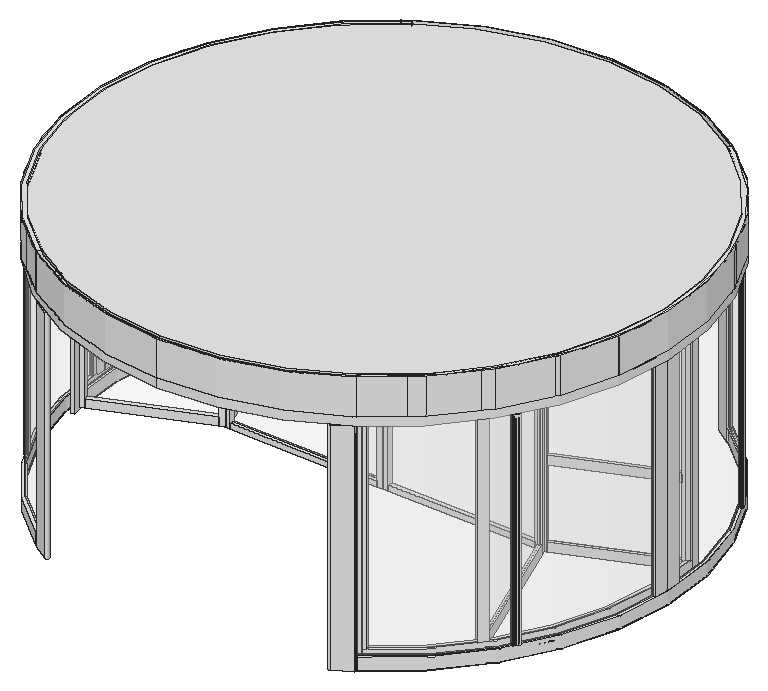
Revit family "Assa-Abloy_ Revolving_UniTurn", category Doors, host Wall, Revit 2019 (continued)
Automatic sketch dimensions
  Sweep 14 sketch curve to Sweep 14 sketch curve = 0' - 0.0574"
  Sweep 14 sketch curve to Sweep 14 sketch curve = 0' - 0.15254"
  Sweep 14 sketch curve to Sweep 14 sketch curve = 0' - 0.09943"
  Sweep 14 sketch curve to Sweep 14 sketch curve = 0' - 0.00087"
  profile plane to Sweep 14 sketch curve = 0' - 0.03263"
  Sweep 14 sketch curve to Sweep 14 sketch curve = 0' - 0.0816"
  Sweep 14 sketch curve to profile plane = 0' - 0.00673"
  profile plane to Sweep 14 sketch curve = 0' - 0.11519"
  Sweep 14 sketch curve to Sweep 14 sketch curve = 0' - 0.00145"
  Sweep 14 sketch curve to Sweep 14 sketch curve = 0' - 0.00158"
  Sweep 14 sketch curve to Sweep 14 sketch curve = 0' - 0.02042"
  profile plane to Sweep 14 sketch curve = 0' - 0.08348"
  profile plane to Sweep 14 sketch curve = 0' - 0.0819"
  profile plane to Sweep 14 sketch curve = 0' - 0.08047"
  profile plane to Sweep 14 sketch curve = 0' - 0.03321"
  Sweep 14 sketch curve to Sweep 14 sketch curve = 0' - 0.01892"
  profile plane to Sweep 14 sketch curve = 0' - 0.04311"
  profile plane to Sweep 14 sketch curve = 0' - 0.01678"
  Sweep 14 sketch curve to profile plane = 0' - 0.01797"
  Sweep 14 sketch curve to Sweep 14 sketch curve = 0' - 0.54272"
  Sweep 14 sketch curve to Sweep 14 sketch curve = 0' - 0.00379"  (x2)
  Sweep 14 sketch curve to Sweep 14 sketch curve = 0' - 0.00829"
  Sweep 14 sketch curve to Sweep 14 sketch curve = 0' - 0.72473"
  Sweep 14 sketch curve to Sweep 14 sketch curve = 0' - 0.05199"
  Sweep 14 sketch curve to Sweep 14 sketch curve = 0' - 0.0676"
  Sweep 14 sketch curve to Sweep 14 sketch curve = 0' - 0.04608"
  Sweep 14 sketch curve to Sweep 14 sketch curve = 0' - 0.04724"  (x2)
  Sweep 14 sketch curve to Sweep 14 sketch curve = 0' - 0.03977"
  Sweep 14 sketch curve to Sweep 14 sketch curve = 0' - 0.00232"
  Sweep 14 sketch curve to Sweep 14 sketch curve = 0' - 0.09731"
  Sweep 14 sketch curve to Sweep 14 sketch curve = 0' - 0.0866"
  profile plane to Sweep 14 sketch curve = 0' - 0.03676"
  profile plane to Sweep 14 sketch curve = 0' - 0.11703"
  profile plane to Sweep 14 sketch curve = 0' - 0.15187"
  Sweep 14 sketch curve to Sweep 14 sketch curve = 0' - 0.05221"
  Sweep 14 sketch curve to Sweep 14 sketch curve = 0' - 0.31464"
  Sweep 14 sketch curve to Sweep 14 sketch curve = 0' - 0.0051"
  Sweep 14 sketch curve to Sweep 14 sketch curve = 0' - 0.17487"
  Sweep 14 sketch curve to Sweep 14 sketch curve = 0' - 0.04962"
  Sweep 14 sketch curve to Sweep 14 sketch curve = 0' - 0.06876"
  Sweep 16 sketch curve to Sweep 16 sketch curve = 0' - 0"  (x4)
  profile plane to Sweep 16 sketch curve = 0' - 0"
  Sweep 16 sketch curve to Sweep 16 sketch curve = 0' - 0.0449"
  Sweep 16 sketch curve to profile plane = 0' - 3.36367"
  Sweep 16 sketch curve to profile plane = 5' - 11.04829"
  level to Sweep 17 sketch curve = 0' - 0"
  Sweep 17 sketch curve to Sweep 17 sketch curve = 0' - 0"  (x5)
  Sweep 17 sketch curve to Sweep 17 sketch curve = 0' - 0.0449"
  Sweep 17 sketch curve to profile plane = 0' - 0.00887"
  Sweep 17 sketch curve to Sweep 17 sketch curve = 0' - 3.36367"
  Sweep 17 sketch curve to Sweep 17 sketch curve = 0' - 0.45009"
  Sweep 17 sketch curve to profile plane = 5' - 11.04829"
  Sweep 17 sketch curve to Sweep 17 sketch curve = 0' - 0.18215"
  Sweep 17 sketch curve to profile plane = 0' - 0.21585"
  profile plane to Sweep 17 sketch curve = 0' - 0.11883"
  Sweep 17 sketch curve to Sweep 17 sketch curve = 0' - 0.37329"
  profile plane to Sweep 17 sketch curve = 0' - 0.75829"
  level to Sweep 18 sketch curve = 0' - 0"
  Sweep 18 sketch curve to Sweep 18 sketch curve = 0' - 0"  (x5)
  Sweep 18 sketch curve to Sweep 18 sketch curve = 0' - 0.45009"
  profile plane to Sweep 18 sketch curve = 0' - 3.37254"
  profile plane to Sweep 18 sketch curve = 0' - 0.00887"
  Sweep 18 sketch curve to Sweep 18 sketch curve = 0' - 0.04384"
  Sweep 18 sketch curve to profile plane = 5' - 11.04829"
  Sweep 18 sketch curve to Sweep 18 sketch curve = 0' - 0.18215"
  Sweep 18 sketch curve to profile plane = 0' - 0.21585"
  profile plane to Sweep 18 sketch curve = 0' - 0.11883"
  Sweep 18 sketch curve to Sweep 18 sketch curve = 0' - 0.37329"
  profile plane to Sweep 18 sketch curve = 0' - 0.75829"
  Sweep 19 sketch curve to level = 0' - 0"
  Sweep 19 sketch curve to Sweep 19 sketch curve = 0' - 0"  (x5)
  Sweep 19 sketch curve to Sweep 19 sketch curve = 0' - 0.45009"
  profile plane to Sweep 19 sketch curve = 0' - 3.37254"
  profile plane to Sweep 19 sketch curve = 0' - 0.00887"
  Sweep 19 sketch curve to Sweep 19 sketch curve = 0' - 0.0449"
  Sweep 19 sketch curve to profile plane = 5' - 11.04829"
  Sweep 19 sketch curve to Sweep 19 sketch curve = 0' - 0.18215"
  Sweep 19 sketch curve to profile plane = 0' - 0.21585"
  profile plane to Sweep 19 sketch curve = 0' - 0.11883"
  Sweep 19 sketch curve to Sweep 19 sketch curve = 0' - 0.37329"
  profile plane to Sweep 19 sketch curve = 0' - 0.75829"
  profile plane to Sweep 20 sketch curve = 0' - 0"
  Sweep 20 sketch curve to Sweep 20 sketch curve = 0' - 1.02349"
  Sweep 20 sketch curve to Sweep 20 sketch curve = 0' - 0.37415"
  Sweep 20 sketch curve to Sweep 20 sketch curve = 0' - 1.5748"
  profile plane to Sweep 22 sketch curve = 0' - 0.7874"  (x2)
  Sweep 22 sketch curve to profile plane = 0' - 0.7874"  (x2)
  profile plane to Sweep 22 sketch curve = 0' - 4.09449"
  profile plane to Sweep 22 sketch curve = 0' - 2.04724"
  profile plane to Sweep 25 sketch curve = 0' - 0.7874"  (x2)
  Sweep 25 sketch curve to profile plane = 0' - 0.7874"  (x2)
  profile plane to Sweep 25 sketch curve = 0' - 4.09449"
  profile plane to Sweep 25 sketch curve = 0' - 2.04724"
  profile plane to Sweep 27 sketch curve = 0' - 1.92229"  (x2)
  Sweep 27 sketch curve to Sweep 27 sketch curve = 0' - 0.01959"  (x2)
  Sweep 27 sketch curve to Sweep 27 sketch curve = 0' - 0.23896"  (x2)
  Sweep 27 sketch curve to Sweep 27 sketch curve = 0' - 0.02803"  (x2)
  Sweep 27 sketch curve to Sweep 27 sketch curve = 0' - 0.03917"
  Sweep 27 sketch curve to Sweep 27 sketch curve = 0' - 0.31108"  (x2)
  Sweep 27 sketch curve to Sweep 27 sketch curve = 0' - 0.24099"  (x2)
  profile plane to Sweep 27 sketch curve = 0' - 0.62405"  (x2)
  Sweep 27 sketch curve to Sweep 27 sketch curve = 0' - 0.03799"  (x2)
  profile plane to Sweep 27 sketch curve = 0' - 0.34748"
  Sweep 27 sketch curve to Sweep 27 sketch curve = 0' - 0.23857"
  level to Sweep 27 sketch curve = 0' - 5.87606"
  Sweep 27 sketch curve to Sweep 27 sketch curve = 0' - 0"
  Sweep 27 sketch curve to Sweep 27 sketch curve = 0' - 0.50716"
  Sweep 27 sketch curve to Sweep 27 sketch curve = 0' - 0.00157"
  level to Sweep 27 sketch curve = 0' - 1.17521"  (x2)
  Sweep 27 sketch curve to Sweep 27 sketch curve = 0' - 0.07835"
  Sweep 27 sketch curve to Sweep 27 sketch curve = 0' - 0.08261"  (x2)
  Sweep 27 sketch curve to Sweep 27 sketch curve = 0' - 0.07526"
  Extrusion 29 sketch curve to Extrusion 29 sketch curve = 0' - 1.10052"
  Extrusion 29 sketch curve to Extrusion 29 sketch curve = 0' - 1.10082"
  Extrusion 30 sketch curve to Extrusion 30 sketch curve = 0' - 0"
  Extrusion 30 sketch curve to Extrusion 30 sketch curve = 0' - 0.09983"
  Sweep 31 sketch curve to curve 20 = 0' - 0"
  Sweep 32 sketch curve to curve 21 = 0' - 0.00115"
  Sweep 39 sketch curve to profile plane = 0' - 0.34748"  (x2)
  Sweep 39 sketch curve to Sweep 39 sketch curve = 0' - 0.23857"  (x2)
  Sweep 39 sketch curve to Sweep 39 sketch curve = 0' - 0.03799"  (x2)
  Sweep 39 sketch curve to Sweep 39 sketch curve = 0' - 1.00315"  (x2)
  Sweep 39 sketch curve to Sweep 39 sketch curve = 0' - 0.24099"  (x2)
  Sweep 39 sketch curve to Sweep 39 sketch curve = 0' - 1.0201"  (x2)
  Sweep 39 sketch curve to Sweep 39 sketch curve = 0' - 0.01115"  (x2)
  Sweep 39 sketch curve to Sweep 39 sketch curve = 0' - 0.03917"
  Sweep 39 sketch curve to Sweep 39 sketch curve = 0' - 0.31108"  (x2)
  Sweep 39 sketch curve to Sweep 39 sketch curve = 0' - 0.01959"
  Sweep 39 sketch curve to Sweep 39 sketch curve = 0' - 0.23896"
  Sweep 39 sketch curve to Sweep 39 sketch curve = 0' - 0.07526"  (x2)
  Sweep 39 sketch curve to Sweep 39 sketch curve = 0' - 0.07997"
  level to Sweep 39 sketch curve = 0' - 5.87606"
  Sweep 39 sketch curve to Sweep 39 sketch curve = 0' - 0"
  Sweep 39 sketch curve to Sweep 39 sketch curve = 0' - 0.50716"
  Sweep 39 sketch curve to Sweep 39 sketch curve = 0' - 0.00157"
  level to Sweep 39 sketch curve = 0' - 1.17521"  (x2)
  Sweep 39 sketch curve to Sweep 39 sketch curve = 0' - 0.07835"
  Sweep 39 sketch curve to Sweep 39 sketch curve = 0' - 0.08261"
  Sweep 31 sketch curve to Sweep 31 sketch curve = 0' - 0.26529"
  Sweep 31 sketch curve to Sweep 31 sketch curve = 0' - 0.84611"
  Sweep 31 sketch curve to Sweep 31 sketch curve = 0' - 0.85435"
  Sweep 31 sketch curve to Sweep 31 sketch curve = 0' - 1.89538"
  Sweep 31 sketch curve to Sweep 31 sketch curve = 0' - 0.95065"
  Sweep 31 sketch curve to Sweep 31 sketch curve = 0' - 0.66713"
  Sweep 31 sketch curve to Sweep 31 sketch curve = 0' - 0.76251"
  Sweep 32 sketch curve to Sweep 32 sketch curve = 0' - 0.10931"  (x2)
  Sweep 32 sketch curve to Sweep 32 sketch curve = 0' - 1.55304"
  curve 26 to Sweep 40 sketch curve = 0' - 0.00005"
  Sweep 40 sketch curve to profile plane = 0' - 0.7874"
  Sweep 40 sketch curve to Sweep 40 sketch curve = 0' - 0.03345"
  Extrusion 47 sketch curve to Extrusion 47 sketch curve = 0' - 0"
  Extrusion 47 sketch curve to Extrusion 47 sketch curve = 0' - 0.09983"
  Sweep 9 to curve 70 = 0' - 0"
  Sweep 9 to curve 92 = 0' - 0"
  Sweep 9 to curve 99 = 0' - 0"
  curve 55 to curve 55 = 0' - 0.07874"
  curve 60 to curve 57 = 0' - 0.10957"
  curve 55 to curve 55 = 0' - 0.00069"
  curve 56 to curve 56 = 0' - 0.04724"
  curve 66 to curve 67 = 0' - 0.0006"
  curve 62 to curve 64 = 0' - 0.0495"
  curve 68 to curve 67 = 0' - 0.00103"
  curve 68 to curve 68 = 0' - 0.11811"
  curve 79 to curve 78 = 0' - 0.01968"
  curve 80 to curve 80 = 0' - 0.03937"
  curve 78 to curve 78 = 0' - 0.00017"
  curve 88 to curve 88 = 0' - 0.10901"
  curve 95 to curve 95 = 0' - 0.11016"
  curve 80 to curve 81 = 0' - 0.00034"
  curve 77 to curve 76 = 0' - 0.00017"
  curve 76 to curve 76 = 0' - 0.01968"
  curve 75 to curve 73 = 0' - 0.01968"
  curve 73 to curve 74 = 0' - 0.00017"
  curve 73 to curve 72 = 0' - 0.01968"
  curve 82 to curve 82 = 0' - 0.00034"
  curve 87 to curve 87 = 0' - 0.01998"
  curve 90 to curve 90 = 0' - 0.01939"
  curve 94 to curve 93 = 0' - 0.01998"
  curve 97 to curve 97 = 0' - 0.01939"
  curve 82 to curve 83 = 0' - 0.03937"
  curve 98 to curve 99 = 0' - 0.00073"
  curve 100 to curve 100 = 0' - 0.00103"
  curve 110 to curve 108 = 0' - 0.0336"
  curve 106 to curve 107 = 0' - 0.03387"
  curve 109 to curve 113 = 0' - 0.04454"
  curve 102 to curve 101 = 0' - 0.0006"
  curve 112 to curve 114 = 0' - 0.04724"
  curve 103 to curve 107 = 0' - 0.10957"
  curve 114 to curve 114 = 0' - 0.07874"
  curve 131 to Sweep 9 = 0' - 0"
  curve 130 to curve 129 = 0' - 0.00034"
  curve 129 to curve 128 = 0' - 0.03937"
  curve 125 to curve 125 = 0' - 0.03937"
  curve 127 to curve 127 = 0' - 0.03937"
  curve 124 to curve 125 = 0' - 0.00034"
  curve 149 to Sweep 10 = 0' - 0.05153"
  Sweep 10 to curve 152 = 0' - 0.15023"
  curve 201 to curve 201 = 0' - 0"
  curve 202 to curve 149 = 0' - 0"
  Sweep 11 to curve 221 = 0' - 0"
  curve 219 to curve 219 = 0' - 0.00058"
  Sweep 11 to curve 218 = 0' - 0.08218"
  Sweep 11 to curve 216 = 0' - 0.08287"
  curve 216 to Sweep 11 = 0' - 0.23993"
  Sweep 11 to curve 214 = 0' - 0.12282"
  Sweep 11 to curve 256 = 0' - 0"
  curve 278 to Sweep 11 = 0' - 0"
  curve 285 to Sweep 11 = 0' - 0"
  curve 241 to curve 241 = 0' - 0.07873"
  curve 246 to curve 243 = 0' - 0.1095"
  curve 242 to Sweep 11 = 0' - 0.81945"
  curve 242 to Sweep 11 = 0' - 0.81875"
  curve 252 to curve 252 = 0' - 0.00101"
  curve 248 to curve 250 = 0' - 0.04949"
  curve 254 to curve 254 = 0' - 0.00174"
  curve 255 to Sweep 11 = 0' - 1.18115"
  curve 265 to Sweep 11 = 0' - 0.17251"
  curve 265 to Sweep 11 = 0' - 0.3536"
  curve 263 to Sweep 11 = 0' - 0.15254"
  curve 274 to curve 274 = 0' - 0.10891"
  curve 282 to curve 281 = 0' - 0.11014"
  curve 266 to curve 266 = 0' - 0.00058"
  curve 263 to Sweep 11 = 0' - 0.15208"
  curve 262 to curve 262 = 0' - 0.01968"
  curve 260 to curve 259 = 0' - 0.01968"
  curve 259 to curve 259 = 0' - 0.00029"
  curve 258 to Sweep 11 = 0' - 0.2142"
  curve 267 to Sweep 11 = 0' - 0.38949"
  curve 272 to Sweep 11 = 0' - 0.51377"
  curve 277 to Sweep 11 = 0' - 0.65809"
  curve 279 to Sweep 11 = 0' - 0.90743"
  curve 283 to curve 284 = 0' - 0.01918"
  curve 268 to curve 268 = 0' - 0.03937"
  curve 284 to curve 285 = 0' - 0.00122"
  curve 286 to curve 286 = 0' - 0.00174"
  curve 296 to curve 295 = 0' - 0.03345"
  curve 291 to curve 293 = 0' - 0.034"
  Sweep 11 to curve 299 = 0' - 0.08491"
  curve 288 to curve 287 = 0' - 0.00101"
  Sweep 11 to curve 299 = 0' - 0.03767"
  curve 293 to Sweep 11 = 0' - 0.02719"
  curve 234 to Sweep 11 = 0' - 0.0399"
  Sweep 14 to curve 381 = 0' - 0"
  curve 387 to Sweep 14 = 0' - 0"
  curve 327 to Sweep 14 = 0' - 0"
  curve 341 to Sweep 14 = 0' - 0"
  curve 364 to Sweep 14 = 0' - 0.0399"
  curve 371 to Sweep 14 = 0' - 0.02719"
  Sweep 14 to curve 366 = 0' - 0.03767"
  curve 378 to curve 377 = 0' - 0.00101"
  curve 366 to curve 367 = 0' - 0.04724"
  curve 373 to curve 375 = 0' - 0.04951"
  curve 371 to curve 368 = 0' - 0.04945"
  curve 378 to curve 379 = 0' - 0.00174"
  curve 379 to curve 380 = 0' - 0.00122"
  curve 329 to Sweep 14 = 0' - 0.34954"
  curve 381 to curve 382 = 0' - 0.01918"
  curve 385 to curve 385 = 0' - 0.02018"
  curve 389 to curve 389 = 0' - 0.01918"
  curve 392 to curve 392 = 0' - 0.02018"
  curve 330 to curve 330 = 0' - 0.00058"
  curve 340 to Sweep 14 = 0' - 0.2142"
  curve 339 to curve 338 = 0' - 0.00029"
  curve 337 to Sweep 14 = 0' - 0.21477"
  curve 337 to Sweep 14 = 0' - 0.17147"
  curve 336 to curve 336 = 0' - 0.00029"
  curve 332 to curve 332 = 0' - 0.00058"
  curve 383 to curve 384 = 0' - 0.11014"
  curve 390 to curve 390 = 0' - 0.10891"
  curve 335 to Sweep 14 = 0' - 0.15254"
  curve 333 to Sweep 14 = 0' - 0.3536"
  curve 334 to curve 334 = 0' - 0.01968"
  curve 344 to curve 344 = 0' - 0.1181"
  curve 344 to curve 344 = 0' - 0.00174"
  curve 349 to curve 350 = 0' - 0.03482"
  curve 346 to curve 346 = 0' - 0.00101"
  curve 356 to Sweep 14 = 0' - 0.81875"
  curve 356 to Sweep 14 = 0' - 0.81945"
  curve 347 to curve 351 = 0' - 0.1095"
  curve 358 to Sweep 14 = 0' - 0.74187"
  Sweep 14 to curve 395 = 0' - 0"
  Sweep 14 to curve 411 = 0' - 0"
  Sweep 14 to curve 394 = 0' - 0.12282"
  curve 412 to Sweep 14 = 0' - 0.23993"
  Sweep 14 to curve 412 = 0' - 0.08287"
  curve 409 to curve 409 = 0' - 0.03937"
  curve 409 to curve 409 = 0' - 0.00058"
  Sweep 12 to curve 443 = 0' - 0.15023"
  Sweep 13 to curve 510 = 0' - 0"
  curve 516 to Sweep 13 = 0' - 0"
  curve 523 to Sweep 13 = 0' - 0"
  curve 537 to Sweep 13 = 0' - 0"
  curve 494 to curve 494 = 0' - 0.07874"
  curve 501 to curve 496 = 0' - 0.10957"
  curve 495 to curve 494 = 0' - 0.00069"
  curve 506 to curve 506 = 0' - 0.0006"
  curve 495 to curve 496 = 0' - 0.04724"
  curve 501 to curve 504 = 0' - 0.04951"
  curve 499 to curve 497 = 0' - 0.04946"
  curve 508 to curve 508 = 0' - 0.00103"
  curve 508 to curve 509 = 0' - 0.00073"
  curve 526 to curve 526 = 0' - 0.03937"
  curve 511 to curve 511 = 0' - 0.01939"
  curve 515 to curve 514 = 0' - 0.01998"
  curve 517 to curve 518 = 0' - 0.01939"
  curve 522 to curve 521 = 0' - 0.01998"
  curve 526 to curve 526 = 0' - 0.00034"
  curve 536 to curve 534 = 0' - 0.01968"
  curve 534 to curve 534 = 0' - 0.00017"
  curve 534 to curve 533 = 0' - 0.01968"
  curve 533 to curve 532 = 0' - 0.01968"
  curve 532 to curve 531 = 0' - 0.00017"
  curve 527 to curve 528 = 0' - 0.00034"
  curve 512 to curve 512 = 0' - 0.11016"
  curve 519 to curve 520 = 0' - 0.10901"
  curve 530 to curve 530 = 0' - 0.00017"
  curve 528 to curve 528 = 0' - 0.03937"
  curve 530 to curve 530 = 0' - 0.01968"
  curve 539 to curve 540 = 0' - 0.11811"
  curve 540 to curve 540 = 0' - 0.00103"
  curve 545 to curve 547 = 0' - 0.03497"
  curve 542 to curve 542 = 0' - 0.0006"
  curve 552 to curve 553 = 0' - 0.04793"
  curve 551 to curve 553 = 0' - 0.04724"
  curve 543 to curve 547 = 0' - 0.10957"
  curve 553 to curve 553 = 0' - 0.07874"
  curve 558 to Sweep 13 = 0' - 0"
  Sweep 13 to curve 574 = 0' - 0"
  curve 576 to curve 576 = 0' - 0.00034"
  curve 574 to curve 574 = 0' - 0.03937"
  curve 576 to curve 575 = 0' - 0.03937"
  curve 572 to curve 572 = 0' - 0.03937"
  curve 572 to curve 572 = 0' - 0.00034"
  Extrusion 28 to curve 588 = 0' - 0"  (x2)
  curve 586 to Extrusion 28 = 0' - 0"  (x2)
  Extrusion 29 to curve 592 = 0' - 0"
  Extrusion 29 to curve 590 = 0' - 0"  (x2)
  curve 592 to Extrusion 29 = 0' - 0"
  curve 660 to Extrusion 37 = 0' - 0"
  Extrusion 37 to curve 660 = 0' - 0"
  curve 659 to Extrusion 37 = 0' - 0"
  Extrusion 37 to curve 659 = 0' - 0"
  Extrusion 38 to curve 668 = 0' - 0"
  curve 667 to Extrusion 38 = 0' - 0"  (x2)
  Extrusion 38 to curve 665 = 0' - 0"
  Extrusion 45 to curve 673 = 0' - 0"
  curve 673 to Extrusion 45 = 0' - 0"
  curve 675 to Extrusion 45 = 0' - 0"  (x2)
  curve 681 to Extrusion 46 = 0' - 0"  (x2)
  Extrusion 46 to curve 683 = 0' - 0"
  curve 683 to Extrusion 46 = 0' - 0"
  curve 701 to Extrusion 26 = 0' - 0"  (x2)
  Extrusion 26 to curve 703 = 0' - 0"
  curve 703 to Extrusion 26 = 0' - 0"
  curve 719 to Extrusion 23 = 0' - 0"  (x2)
  curve 718 to Extrusion 23 = 0' - 0"
  Extrusion 23 to curve 719 = 0' - 0"
  curve 734 to curve 201 = 0' - 0"
  radius of curve 587 to Extrusion 28 = 0' - 0"
  radius of curve 589 to Extrusion 28 = 0' - 0"
  radius of curve 591 to Extrusion 29 = 0' - 0"
  radius of curve 593 to Extrusion 29 = 0' - 0"
Types (4): name | Ref line width | Manufacturer name | Radius 4 | Distance 1 | TW | Radius 1 | Manufacturer URL | Width | Radius 2 | Radius 3 | DR Distance
  UniTurn 12' | 3' - 6 1/8" | "Besam" | 6' - 0 11/32" | 5' - 10 21/32" | 5' - 10 7/8" | 5' - 10 23/32" | "www.assaabloyentrance.us" | 12' - 0 7/8" | 6' - 0 13/32" | 6' - 0 9/32" | 5' - 6.78174"
  UniTurn 14' | 4' - 0 1/32" | "ASSA ABLOY Entrance Systems" | 7' - 0 5/32" | 6' - 10 15/32" | 6' - 10 11/16" | 6' - 10 17/32" | "www.assaabloyentrance.us" | 14' - 0 1/2" | 7' - 0 7/32" | 7' - 0 3/32" | 6' - 6.59424"
  UniTurn 16' | 4' - 5 15/16" | "ASSA ABLOY Entrance Systems" | 7' - 11 31/32" | 7' - 10 9/32" | 7' - 10 1/2" | 7' - 10 11/32" | "" | 16' - 0 1/8" | 8' - 0 1/32" | 7' - 11 29/32" | 7' - 6.40674"
  UniTurn 18' | 4' - 11 13/16" | "Besam" | 8' - 11 25/32" | 8' - 10 3/32" | 8' - 10 1/4" | 8' - 10 5/32" | "" | 17' - 11 3/4" | 8' - 11 27/32" | 8' - 11 23/32" | 8' - 6.21924"
